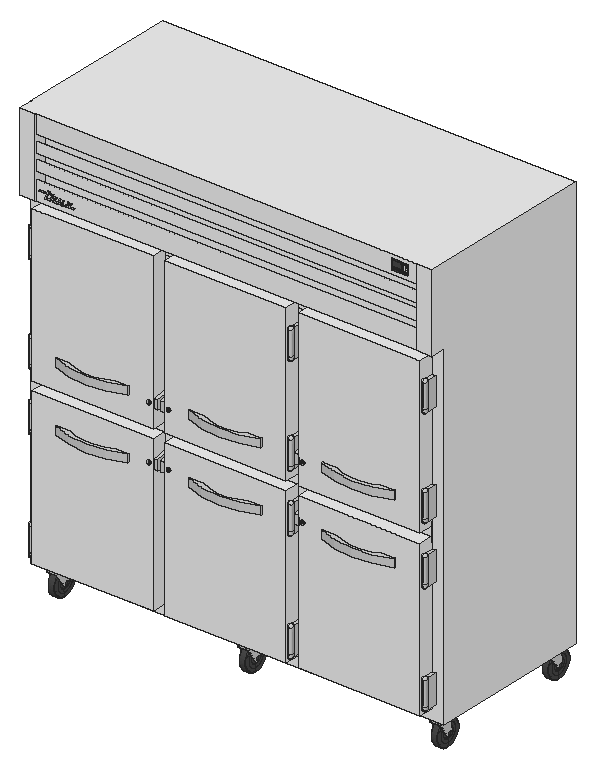
Revit family
Parameters
  Weight in Pounds = 0
  Watts = Volts * FL Amps  # 1046.5 W
  Volts = 115 V
  URL Cutsheet = "www.truemfg.com"
  URL = "www.truemfg.com"
  Type Mark [instance] = ""
  Type Comments = ""
  Status [instance] = ""
  Specification by User [instance] = ""
  Specification by Manufacturer = ""
  Show Seismic Flanged [instance] = no
  Show Logo [instance] = yes
  Show Legs [instance] = no
  Show Clearance [instance] = yes
  Serial Number = ""
  Seismic Rating = ""
  Seismic Plate [instance] = and(Show Seismic Flanged, not(Show Casters))  # no
  SMACNA No = ""
  Revision Code [instance] = ""
  Phase = 1
  Omniclass Number and Title = ""
  Number of Poles [instance] = 1
  NAFEM Spec ID Number = ""
  Model = "STR3R-6HS"
  Min Ckt Ampacity = 0 A
  Max Overcurrent Protection = 0 A
  Masterspec = ""
  Manufacturer = "TRUE FOOD SERVICE EQUIPMENT, INC."
  Length = 77 3/4"
  Legs [instance] = or(Show Legs, Show Seismic Flanged)  # no
  Item Number [instance] = ""
  Installed By [instance] = ""
  Identify Quantity as Lot [instance] = yes
  Height = 77 3/4"
  HP = "1/2"
  Furnished By [instance] = ""
  Foodservice Equipment Identifier [instance] = yes
  FL Amps = 9.1 A
  Electrical Remarks [instance] = ""
  Electric Connection Type [instance] = ""
  Elec Conn RI Height [instance] = 0"
  Elec Conn Connection Height [instance] = 0"
  Description = "Reach-in Solid Half Swing Door Refrigerator"
  Depth = 33 3/4"
  Cycle = 60 Hz
  Conn Plug = "5-15P"
  Conn Conduit = yes
  Show Casters [instance] = and(not(if(Show Legs, Show Legs, Show Legs)), not(if(Show Legs, Show Legs, Show Seismic Flanged)))  # yes
  CSI MasterFormat = ""
  CSI Master Format = ""
  Apparent Power = if(Phase = 3, Volts * FL Amps * 1.73, Volts * FL Amps)  # 1046.5 VA
Reference planes (in)
  plane 1 "BACK": y = 0
  plane 2: z = 0
  plane 3 "LEFT": x = 0
  plane 4 "RIGHT": x = 77.75
  plane 5 "FRONT": y = -33.75
  plane 6 "TOP": z = 84.125
  plane 7: z = 6.125
  plane 8: y = -33.7042
  plane 9: x = 38.875
Forms (in)
  Extrusion 1, solid, material "QF_Finishes_Chrome - Satin"
    sketch origin (0.05, 0, 0) x (1, 0, 0) y (0, 1, 0)
      loop
        line (-0.05, 0) -> (-0.05, -31) -> (2.2, -31) -> (2.2, 0) -> (-0.05, 0)
    from 6.125 to 84.125
  Extrusion 2, solid, material "QF_Finishes_Chrome - Satin"
    sketch origin (49.99375, 0, 0) x (1, 0, 0) y (0, 1, 0)
      loop
        line (25.50625, 0) -> (25.50625, -31) -> (27.75625, -31) -> (27.75625, 0) -> (25.50625, 0)
    from 6.125 to 84.125
  Extrusion 3, solid, material "QF_Finishes_Chrome - Satin"
    sketch origin (0, 0, 0) x (0, 1, 0) y (0, 0, 1)
      loop
        line (-33.7042, 69.5) -> (-31, 69.5) -> (-31, 66.96875) -> (-2, 66.96875) -> (-2, 9.98627) -> (-31, 9.98627) -> (-31, 6.125) -> (0, 6.125) -> (0, 84.125) -> (-33.7042, 84.125) -> (-33.7042, 80.78078) -> (-31.5, 79.21352) -> (-31.5, 78.09125) -> (-33.7042, 79.65851) -> (-33.7042, 77.5248) -> (-31.5, 75.95754) -> (-31.5, 74.99678) -> (-33.7042, 76.56404) -> (-33.7042, 74.46784) -> (-31.5, 72.90057) -> (-31.5, 71.625) -> (-33.7042, 73.19226) -> (-33.7042, 69.5)
    from 2.25 to 75.5
  Extrusion 4, solid, material "QF_Finishes_Chrome - Satin"
    sketch origin (0, 0, 0) x (1, 0, 0) y (0, 1, 0)
      loop
        line (77.75407, -31) -> (74.78532, -31) -> (74.78532, -33.75) -> (77.75407, -33.75) -> (77.75407, -31)
    from 69.5 to 84.125
  Extrusion 5, solid, material "QF_Finishes_Chrome - Satin"
    sketch origin (-50.125, 0, 0.25) x (1, 0, 0) y (0, 1, 0)
      loop
        line (53.05359, -31) -> (50.24109, -31) -> (50.24109, -33.75) -> (53.05359, -33.75) -> (53.05359, -31)
    from 69.25 to 83.875
  Extrusion 6, solid
    sketch origin (0, 0, 0) x (1, 0, 0) y (0, 0, 1)
      loop
        circle (74.65625, 82) r 0.25
    from 0 to 0.0625
  Extrusion 7, solid, material "QF_Finishes_Handrails and Railings", visible <- "Show Casters"
    sketch origin (73.0625, 0, 0) x (0, 1, 0) y (0, 0, 1)
      loop
        line (-29.95136, 5.48574) -> (-29.95136, 4.88089) -> (-29.70136, 4.88089) -> (-27.95216, 2.18736)
        arc (-27.95216, 2.18736) -> (-27.23883, 1.94868) -> (-26.84581, 2.59003) r 0.60416
        line (-26.84581, 2.59003) -> (-27.20136, 5.48574) -> (-29.95136, 5.48574)
      loop
        line (-3.8577, 5.48574) -> (-3.8577, 4.88089) -> (-3.6077, 4.88089) -> (-1.8585, 2.18736)
        arc (-1.8585, 2.18736) -> (-1.14517, 1.94868) -> (-0.75215, 2.59003) r 0.60416
        line (-0.75215, 2.59003) -> (-1.1077, 5.48574) -> (-3.8577, 5.48574)
    from 1.175 to 1.325
  Extrusion 8, solid, material "QF_Finishes_Handrails and Railings", visible <- "Show Casters"
    sketch origin (74.5625, 0, 0) x (0, 1, 0) y (0, 0, 1)
      loop
        line (-29.95136, 5.48574) -> (-29.95136, 4.88089) -> (-29.70136, 4.88089) -> (-27.95216, 2.18736)
        arc (-27.95216, 2.18736) -> (-27.23883, 1.94868) -> (-26.84581, 2.59003) r 0.60416
        line (-26.84581, 2.59003) -> (-27.20136, 5.48574) -> (-29.95136, 5.48574)
      loop
        line (-3.8577, 5.48574) -> (-3.8577, 4.88089) -> (-3.6077, 4.88089) -> (-1.8585, 2.18736)
        arc (-1.8585, 2.18736) -> (-1.14517, 1.94868) -> (-0.75215, 2.59003) r 0.60416
        line (-0.75215, 2.59003) -> (-1.1077, 5.48574) -> (-3.8577, 5.48574)
    from 1.175 to 1.325
  Revolve 9, solid, material "QF_Finishes_Chrome - Satin", visible <- "Legs"
    sketch origin (47.78125, -2.69102, 0) x (1, 0, 0) y (0, 0, 1)
      loop
        line (27.28125, 6.125) -> (25.94787, 6.125) -> (26.53125, 1) -> (26.78125, 1) -> (26.78125, 0) -> (27.28125, 0) -> (27.28125, 6.125)
      axis (27.28125, 0) -> (27.28125, 6.125)
    angle from 0 to 360
  Revolve 10, solid, material "QF_Finishes_Chrome - Satin", visible <- "Show Casters"
    sketch origin (47.78125, -2.70321, -0.5) x (1, 0, 0) y (0, 0, 1)
      loop
        line (27.28125, 5.99546) -> (27.28125, 6.62359) -> (25.98418, 6.62359) -> (25.98418, 5.99546) -> (27.28125, 5.99546)
      axis (27.28125, 5.99546) -> (27.28125, 6.62359)
    angle from 0 to 360
  Extrusion 11, solid, material "QF_Finishes_Handrails and Railings", visible <- "Show Casters"
    sketch origin (25.28125, 0, 0) x (0, 1, 0) y (0, 0, 1)
      loop
        line (-29.95136, 5.48574) -> (-29.95136, 4.88089) -> (-29.70136, 4.88089) -> (-27.16533, 5.19227) -> (-27.20136, 5.48574) -> (-29.95136, 5.48574)
      loop
        line (-3.8577, 5.48574) -> (-3.8577, 4.88089) -> (-3.6077, 4.88089) -> (-1.07167, 5.19227) -> (-1.1077, 5.48574) -> (-3.8577, 5.48574)
    from 49.10625 to 50.45625
  Revolve 12, solid, material "QF_Finishes_Black", visible <- "Show Casters"
    sketch origin (47.78125, -1.21875, 0) x (1, 0, 0) y (0, 0, 1)
      loop
        line (26.75625, 5) -> (26.65625, 4.9) -> (26.65625, 4.29941) -> (26.81726, 4.29941) -> (26.81726, 3.54941) -> (26.65625, 3.54941) -> (26.65625, 2.79941) -> (26.25625, 2.79941) -> (26.25625, 2.5) -> (28.30625, 2.5) -> (28.30625, 2.79941) -> (27.91033, 2.79941) -> (27.91033, 3.54941) -> (27.74524, 3.54941) -> (27.74524, 4.29941) -> (27.91033, 4.29941) -> (27.91033, 4.89592) -> (27.80625, 5) -> (26.75625, 5)
      axis (28.30625, 2.5) -> (26.25625, 2.5)
    angle from 0 to 360
  Extrusion 13, solid, material "QF_Finishes_Handrails and Railings", visible <- "Show Casters"
    sketch origin (0.84375, 0, 0) x (0, 1, 0) y (0, 0, 1)
      loop
        line (-29.95136, 5.48574) -> (-29.95136, 4.88089) -> (-29.70136, 4.88089) -> (-27.95216, 2.18736)
        arc (-27.95216, 2.18736) -> (-27.23883, 1.94868) -> (-26.84581, 2.59003) r 0.60416
        line (-26.84581, 2.59003) -> (-27.20136, 5.48574) -> (-29.95136, 5.48574)
      loop
        line (-3.8577, 5.48574) -> (-3.8577, 4.88089) -> (-3.6077, 4.88089) -> (-1.8585, 2.18736)
        arc (-1.8585, 2.18736) -> (-1.14517, 1.94868) -> (-0.75215, 2.59003) r 0.60416
        line (-0.75215, 2.59003) -> (-1.1077, 5.48574) -> (-3.8577, 5.48574)
    from 1.175 to 1.325
  Extrusion 14, solid, material "QF_Finishes_Handrails and Railings", visible <- "Show Casters"
    sketch origin (2.34375, 0, 0) x (0, 1, 0) y (0, 0, 1)
      loop
        line (-29.95136, 5.48574) -> (-29.95136, 4.88089) -> (-29.70136, 4.88089) -> (-27.95216, 2.18736)
        arc (-27.95216, 2.18736) -> (-27.23883, 1.94868) -> (-26.84581, 2.59003) r 0.60416
        line (-26.84581, 2.59003) -> (-27.20136, 5.48574) -> (-29.95136, 5.48574)
      loop
        line (-3.8577, 5.48574) -> (-3.8577, 4.88089) -> (-3.6077, 4.88089) -> (-1.8585, 2.18736)
        arc (-1.8585, 2.18736) -> (-1.14517, 1.94868) -> (-0.75215, 2.59003) r 0.60416
        line (-0.75215, 2.59003) -> (-1.1077, 5.48574) -> (-3.8577, 5.48574)
    from 1.175 to 1.325
  Revolve 15, solid, material "QF_Finishes_Chrome - Satin", visible <- "Legs"
    sketch origin (0.84375, -2.69102, 0) x (1, 0, 0) y (0, 0, 1)
      loop
        line (2, 6.125) -> (0.66662, 6.125) -> (1.25, 1) -> (1.5, 1) -> (1.5, 0) -> (2, 0) -> (2, 6.125)
      axis (2, 0) -> (2, 6.125)
    angle from 0 to 360
  Revolve 16, solid, material "QF_Finishes_Chrome - Satin", visible <- "Show Casters"
    sketch origin (0.84375, -2.70321, -0.5) x (1, 0, 0) y (0, 0, 1)
      loop
        line (2, 5.99546) -> (2, 6.62359) -> (0.70293, 6.62359) -> (0.70293, 5.99546) -> (2, 5.99546)
      axis (2, 5.99546) -> (2, 6.62359)
    angle from 0 to 360
  Extrusion 17, solid, material "QF_Finishes_Handrails and Railings", visible <- "Show Casters"
    sketch origin (-46.9375, 0, 0) x (0, 1, 0) y (0, 0, 1)
      loop
        line (-29.95136, 5.48574) -> (-29.95136, 4.88089) -> (-29.70136, 4.88089) -> (-27.16533, 5.19227) -> (-27.20136, 5.48574) -> (-29.95136, 5.48574)
      loop
        line (-3.8577, 5.48574) -> (-3.8577, 4.88089) -> (-3.6077, 4.88089) -> (-1.07167, 5.19227) -> (-1.1077, 5.48574) -> (-3.8577, 5.48574)
    from 49.10625 to 50.45625
  Revolve 18, solid, material "QF_Finishes_Black", visible <- "Show Casters"
    sketch origin (0.84375, -1.21875, 0) x (1, 0, 0) y (0, 0, 1)
      loop
        line (1.475, 5) -> (1.375, 4.9) -> (1.375, 4.29941) -> (1.53601, 4.29941) -> (1.53601, 3.54941) -> (1.375, 3.54941) -> (1.375, 2.79941) -> (0.975, 2.79941) -> (0.975, 2.5) -> (3.025, 2.5) -> (3.025, 2.79941) -> (2.62908, 2.79941) -> (2.62908, 3.54941) -> (2.46399, 3.54941) -> (2.46399, 4.29941) -> (2.62908, 4.29941) -> (2.62908, 4.89592) -> (2.525, 5) -> (1.475, 5)
      axis (3.025, 2.5) -> (0.975, 2.5)
    angle from 0 to 360
  Extrusion 19, solid, material "QF_Finishes_Chrome - Satin", visible <- "Seismic Plate"
    sketch origin (-0.22541, -0.99687, 0) x (1, 0, 0) y (0, 1, 0)
      loop
        circle (3.06916, -1.69416) r 1.5
    from 0 to 0.25
  Extrusion 20, solid, material "QF_Finishes_Chrome - Satin", visible <- "Seismic Plate"
    sketch origin (46.71209, -0.99687, 0) x (1, 0, 0) y (0, 1, 0)
      loop
        circle (28.35041, -1.69416) r 1.5
    from 0 to 0.25
  Extrusion 21, solid, material "QF_Finishes_Chrome - Satin"
    sketch origin (0, 0, -0.71875) x (1, 0, 0) y (0, 0, 1)
      loop
        line (2.28125, 68.6875) -> (2.28125, 39.59375) -> (25.21875, 39.59375) -> (25.21875, 68.6875) -> (2.28125, 68.6875)
      loop
        line (2.28125, 8.75) -> (25.21875, 8.75) -> (25.21875, 37.84375) -> (2.28125, 37.84375) -> (2.28125, 8.75)
      loop
        line (27.28125, 68.6875) -> (27.28125, 39.59375) -> (50.21875, 39.59375) -> (50.21875, 68.6875) -> (27.28125, 68.6875)
      loop
        line (27.28125, 8.75) -> (50.21875, 8.75) -> (50.21875, 37.84375) -> (27.28125, 37.84375) -> (27.28125, 8.75)
      loop
        line (52.53125, 68.6875) -> (52.53125, 39.59375) -> (75.46875, 39.59375) -> (75.46875, 68.6875) -> (52.53125, 68.6875)
      loop
        line (52.53125, 8.75) -> (75.46875, 8.75) -> (75.46875, 37.84375) -> (52.53125, 37.84375) -> (52.53125, 8.75)
    from 31 to 33.75
  Extrusion 22, solid, material "QF_Finishes_Handrails and Railings", visible <- "Show Logo"
    sketch origin (0.33478, 1.08173, -6.73143) x (1, 0, 0) y (0, 0, 1)
      loop
        line (3.46044, 78.46231) -> (3.35478, 78.23573) -> (4.76027, 78.23573)
        arc (4.76027, 78.23573) -> (4.78879, 78.18528) -> (4.76027, 78.13484) r 0.05887
        line (4.76027, 78.13484) -> (4.39369, 77.34872)
        arc (4.39369, 77.34872) -> (4.39051, 77.27591) -> (4.43975, 77.22217) r 0.09523
        line (4.43975, 77.22217) -> (5.33844, 77.22217)
        arc (5.33844, 77.22217) -> (5.45192, 77.25795) -> (5.52436, 77.35235) r 0.19785
        line (5.52436, 77.35235) -> (5.81285, 77.97101) -> (6.0779, 77.97101)
        arc (6.0779, 77.97101) -> (6.14744, 77.94543) -> (6.13737, 77.87203) r 0.05911
        line (6.13737, 77.87203) -> (5.89598, 77.35437)
        arc (5.89598, 77.35437) -> (5.89974, 77.2684) -> (5.97231, 77.22217) r 0.09318
        line (5.97231, 77.22217) -> (6.76198, 77.22217)
        arc (6.76198, 77.22217) -> (6.82249, 77.24419) -> (6.85468, 77.29995) r 0.09412
        arc (6.85468, 77.29995) -> (6.87746, 77.24495) -> (6.93246, 77.22217) r 0.07778
        line (6.93246, 77.22217) -> (7.43246, 77.22217)
        arc (7.43246, 77.22217) -> (7.49022, 77.23765) -> (7.53251, 77.27993) r 0.11552
        arc (7.53251, 77.27993) -> (7.55275, 77.23106) -> (7.60162, 77.21081) r 0.06912
        line (7.60162, 77.21081) -> (8.31225, 77.21081)
        arc (8.31225, 77.21081) -> (8.37034, 77.23488) -> (8.39441, 77.29297) r 0.08216
        arc (8.39441, 77.29297) -> (8.44767, 77.23972) -> (8.52042, 77.22022) r 0.14551
        line (8.52042, 77.22022) -> (9.85158, 77.22022) -> (9.99946, 77.47634) -> (8.65678, 77.47634)
        arc (8.65678, 77.47634) -> (8.61972, 77.50204) -> (8.61834, 77.54711) r 0.05009
        line (8.61834, 77.54711) -> (8.64157, 77.59692)
        arc (8.64157, 77.59692) -> (8.67723, 77.64364) -> (8.73327, 77.66135) r 0.09747
        line (8.73327, 77.66135) -> (9.16485, 77.66135)
        arc (9.16485, 77.66135) -> (9.258, 77.68631) -> (9.32619, 77.7545) r 0.1863
        line (9.32619, 77.7545) -> (9.45119, 77.97101)
        arc (9.45119, 77.97101) -> (9.45119, 78.08657) -> (9.35111, 78.14434) r 0.11556
        line (9.35111, 78.14434) -> (8.89562, 78.14434)
        arc (8.89562, 78.14434) -> (8.7795, 78.12462) -> (8.69849, 78.03912) r 0.18605
        line (8.69849, 78.03912) -> (8.48204, 77.57493)
        arc (8.48204, 77.57493) -> (8.41815, 77.49167) -> (8.31806, 77.46011) r 0.1745
        line (8.31806, 77.46011) -> (7.84559, 77.46011)
        arc (7.84559, 77.46011) -> (7.78903, 77.52184) -> (7.79268, 77.60548) r 0.10939
        line (7.79268, 77.60548) -> (8.04395, 78.14434) -> (7.88403, 78.14434) -> (7.61781, 77.57344)
        arc (7.61781, 77.57344) -> (7.56609, 77.50603) -> (7.48505, 77.48048) r 0.14128
        line (7.48505, 77.48048) -> (7.15925, 77.48048)
        arc (7.15925, 77.48048) -> (7.10419, 77.55223) -> (7.116, 77.64189) r 0.11816
        line (7.116, 77.64189) -> (7.3503, 78.14434) -> (7.18514, 78.14434) -> (6.91546, 77.566)
        arc (6.91546, 77.566) -> (6.85285, 77.50339) -> (6.76733, 77.48048) r 0.17104
        line (6.76733, 77.48048) -> (6.29555, 77.48048)
        arc (6.29555, 77.48048) -> (6.21082, 77.51999) -> (6.20267, 77.61313) r 0.0935
        line (6.20267, 77.61313) -> (6.35774, 77.94569) -> (6.57695, 77.94569)
        arc (6.57695, 77.94569) -> (6.61395, 78.05717) -> (6.69267, 78.14434) r 0.2857
        line (6.69267, 78.14434) -> (5.83605, 78.14434)
        arc (5.83605, 78.14434) -> (5.74086, 78.12324) -> (5.67498, 78.05135) r 0.16212
        line (5.67498, 78.05135) -> (5.44279, 77.55341)
        arc (5.44279, 77.55341) -> (5.3894, 77.50002) -> (5.31647, 77.48048) r 0.14586
        line (5.31647, 77.48048) -> (4.80506, 77.48048)
        arc (4.80506, 77.48048) -> (4.76514, 77.53442) -> (4.77274, 77.60109) r 0.09155
        line (4.77274, 77.60109) -> (5.11018, 78.23573) -> (5.96155, 78.23573) -> (6.06721, 78.46231) -> (5.21584, 78.46231) -> (5.32149, 78.68888) -> (5.01862, 78.68888) -> (4.91297, 78.46231) -> (3.46044, 78.46231)
      loop
        arc (8.83805, 77.93863) -> (8.80119, 77.92875) -> (8.7742, 77.90176) r 0.07373
        line (8.7742, 77.90176) -> (8.75229, 77.83436)
        arc (8.75229, 77.83436) -> (8.76245, 77.80983) -> (8.78699, 77.79966) r 0.0347
        line (8.78699, 77.79966) -> (9.15948, 77.79966)
        arc (9.15948, 77.79966) -> (9.18632, 77.80561) -> (9.20812, 77.82234) r 0.0635
        line (9.20812, 77.82234) -> (9.22624, 77.90622)
        arc (9.22624, 77.90622) -> (9.22091, 77.92868) -> (9.20009, 77.93863) r 0.02676
        line (9.20009, 77.93863) -> (8.83805, 77.93863)
    from 34.76797 to 34.83173
  Extrusion 23, solid, material "QF_Finishes_Handrails and Railings"
    sketch origin (1.28125, 0, 0) x (0, 1, 0) y (0, 0, 1)
      loop
        line (-31, 64.55229) -> (-32.61044, 64.55229)
        arc (-32.61044, 64.55229) -> (-32.75506, 64.49238) -> (-32.81497, 64.34776) r 0.20453
        line (-32.81497, 64.34776) -> (-32.81497, 59.94848) -> (-33.25, 59.94848) -> (-33.25, 59.23627) -> (-31, 59.23627) -> (-31, 64.55229)
    from 0.17506 to 1
  Revolve 24, solid, material "QF_Finishes_Handrails and Railings"
    sketch origin (1.78125, 0, 0) x (0, 1, 0) y (0, 0, 1)
      loop
        line (-33.26563, 60.00189) -> (-33.26563, 64.81483)
        arc (-33.26563, 64.81483) -> (-33.53722, 64.72557) -> (-33.67229, 64.4736) r 0.3848
        line (-33.67229, 64.4736) -> (-33.67229, 60.00189) -> (-33.26563, 60.00189)
      loop
        line (-33.26563, 59.94848) -> (-33.67229, 59.94848) -> (-33.67229, 59.37712)
        arc (-33.67229, 59.37712) -> (-33.53264, 59.13383) -> (-33.26563, 59.04781) r 0.38884
        line (-33.26563, 59.04781) -> (-33.26563, 59.94848)
      axis (-33.26563, 59.04781) -> (-33.26563, 64.81483)
    angle from 0 to 360
  Extrusion 25, solid, material "QF_Finishes_Handrails and Railings"
    sketch origin (-0.03125, 0, 0) x (1, 0, 0) y (0, 0, 1)
      loop
        line (1.91491, 64.4736) -> (1.91491, 60.00079) -> (2.3125, 60.00079) -> (2.3125, 64.4736) -> (1.91491, 64.4736)
    from 32.81497 to 33.59495
  Extrusion 26, solid, material "QF_Finishes_Handrails and Railings"
    sketch origin (1.28125, 0, -18.5) x (0, 1, 0) y (0, 0, 1)
      loop
        line (-31, 64.55229) -> (-32.61044, 64.55229)
        arc (-32.61044, 64.55229) -> (-32.75506, 64.49238) -> (-32.81497, 64.34776) r 0.20453
        line (-32.81497, 64.34776) -> (-32.81497, 59.94848) -> (-33.25, 59.94848) -> (-33.25, 59.23627) -> (-31, 59.23627) -> (-31, 64.55229)
    from 0.17506 to 1
  Revolve 27, solid, material "QF_Finishes_Handrails and Railings"
    sketch origin (1.78125, 0, -18.5) x (0, 1, 0) y (0, 0, 1)
      loop
        line (-33.26563, 60.00189) -> (-33.26563, 64.81483)
        arc (-33.26563, 64.81483) -> (-33.53722, 64.72557) -> (-33.67229, 64.4736) r 0.3848
        line (-33.67229, 64.4736) -> (-33.67229, 60.00189) -> (-33.26563, 60.00189)
      loop
        line (-33.26563, 59.94848) -> (-33.67229, 59.94848) -> (-33.67229, 59.37712)
        arc (-33.67229, 59.37712) -> (-33.53264, 59.13383) -> (-33.26563, 59.04781) r 0.38884
        line (-33.26563, 59.04781) -> (-33.26563, 59.94848)
      axis (-33.26563, 59.04781) -> (-33.26563, 64.81483)
    angle from 0 to 360
  Extrusion 28, solid, material "QF_Finishes_Handrails and Railings"
    sketch origin (-0.03125, 0, -18.5) x (1, 0, 0) y (0, 0, 1)
      loop
        line (1.91491, 64.4736) -> (1.91491, 60.00079) -> (2.3125, 60.00079) -> (2.3125, 64.4736) -> (1.91491, 64.4736)
    from 32.81497 to 33.59495
  Extrusion 29, solid, material "QF_Finishes_Handrails and Railings"
    sketch origin (1.28125, 0, -29.5) x (0, 1, 0) y (0, 0, 1)
      loop
        line (-31, 64.55229) -> (-32.61044, 64.55229)
        arc (-32.61044, 64.55229) -> (-32.75506, 64.49238) -> (-32.81497, 64.34776) r 0.20453
        line (-32.81497, 64.34776) -> (-32.81497, 59.94848) -> (-33.25, 59.94848) -> (-33.25, 59.23627) -> (-31, 59.23627) -> (-31, 64.55229)
    from 0.17506 to 1
  Revolve 30, solid, material "QF_Finishes_Handrails and Railings"
    sketch origin (1.78125, 0, -29.5) x (0, 1, 0) y (0, 0, 1)
      loop
        line (-33.26563, 60.00189) -> (-33.26563, 64.81483)
        arc (-33.26563, 64.81483) -> (-33.53722, 64.72557) -> (-33.67229, 64.4736) r 0.3848
        line (-33.67229, 64.4736) -> (-33.67229, 60.00189) -> (-33.26563, 60.00189)
      loop
        line (-33.26563, 59.94848) -> (-33.67229, 59.94848) -> (-33.67229, 59.37712)
        arc (-33.67229, 59.37712) -> (-33.53264, 59.13383) -> (-33.26563, 59.04781) r 0.38884
        line (-33.26563, 59.04781) -> (-33.26563, 59.94848)
      axis (-33.26563, 59.04781) -> (-33.26563, 64.81483)
    angle from 0 to 360
  Extrusion 31, solid, material "QF_Finishes_Handrails and Railings"
    sketch origin (-0.03125, 0, -29.5) x (1, 0, 0) y (0, 0, 1)
      loop
        line (1.91491, 64.4736) -> (1.91491, 60.00079) -> (2.3125, 60.00079) -> (2.3125, 64.4736) -> (1.91491, 64.4736)
    from 32.81497 to 33.59495
  Extrusion 32, solid, material "QF_Finishes_Handrails and Railings"
    sketch origin (1.28125, 0, -50.25) x (0, 1, 0) y (0, 0, 1)
      loop
        line (-31, 64.55229) -> (-32.61044, 64.55229)
        arc (-32.61044, 64.55229) -> (-32.75506, 64.49238) -> (-32.81497, 64.34776) r 0.20453
        line (-32.81497, 64.34776) -> (-32.81497, 59.94848) -> (-33.25, 59.94848) -> (-33.25, 59.23627) -> (-31, 59.23627) -> (-31, 64.55229)
    from 0.17506 to 1
  Revolve 33, solid, material "QF_Finishes_Handrails and Railings"
    sketch origin (1.78125, 0, -50.25) x (0, 1, 0) y (0, 0, 1)
      loop
        line (-33.26563, 60.00189) -> (-33.26563, 64.81483)
        arc (-33.26563, 64.81483) -> (-33.53722, 64.72557) -> (-33.67229, 64.4736) r 0.3848
        line (-33.67229, 64.4736) -> (-33.67229, 60.00189) -> (-33.26563, 60.00189)
      loop
        line (-33.26563, 59.94848) -> (-33.67229, 59.94848) -> (-33.67229, 59.37712)
        arc (-33.67229, 59.37712) -> (-33.53264, 59.13383) -> (-33.26563, 59.04781) r 0.38884
        line (-33.26563, 59.04781) -> (-33.26563, 59.94848)
      axis (-33.26563, 59.04781) -> (-33.26563, 64.81483)
    angle from 0 to 360
  Extrusion 34, solid, material "QF_Finishes_Handrails and Railings"
    sketch origin (-0.03125, 0, -50.25) x (1, 0, 0) y (0, 0, 1)
      loop
        line (1.91491, 64.4736) -> (1.91491, 60.00079) -> (2.3125, 60.00079) -> (2.3125, 64.4736) -> (1.91491, 64.4736)
    from 32.81497 to 33.59495
  Extrusion 35, solid, material "QF_Finishes_Handrails and Railings"
    sketch origin (51.1875, 0, 0) x (0, 1, 0) y (0, 0, -1)
      loop
        line (-31, -64.55229) -> (-31, -59.23627) -> (-33.25, -59.23627) -> (-33.25, -59.94848) -> (-32.81497, -59.94848) -> (-32.81497, -64.34776)
        arc (-32.81497, -64.34776) -> (-32.75506, -64.49238) -> (-32.61044, -64.55229) r 0.20453
        line (-32.61044, -64.55229) -> (-31, -64.55229)
    from 0.17506 to 1
  Revolve 36, solid, material "QF_Finishes_Handrails and Railings"
    sketch origin (50.6875, 0, 0) x (0, 1, 0) y (0, 0, -1)
      loop
        line (-33.26563, -60.00189) -> (-33.67229, -60.00189) -> (-33.67229, -64.4736)
        arc (-33.67229, -64.4736) -> (-33.53722, -64.72557) -> (-33.26563, -64.81483) r 0.3848
        line (-33.26563, -64.81483) -> (-33.26563, -60.00189)
      loop
        line (-33.26563, -59.94848) -> (-33.26563, -59.04781)
        arc (-33.26563, -59.04781) -> (-33.53264, -59.13383) -> (-33.67229, -59.37712) r 0.38884
        line (-33.67229, -59.37712) -> (-33.67229, -59.94848) -> (-33.26563, -59.94848)
      axis (-33.26563, -59.04781) -> (-33.26563, -64.81483)
    angle from 0 to 360
  Extrusion 37, solid, material "QF_Finishes_Handrails and Railings"
    sketch origin (52.5, 0, 0) x (-1, 0, 0) y (0, 0, -1)
      loop
        line (1.91491, -64.4736) -> (2.3125, -64.4736) -> (2.3125, -60.00079) -> (1.91491, -60.00079) -> (1.91491, -64.4736)
    from 32.81497 to 33.59495
  Extrusion 38, solid, material "QF_Finishes_Handrails and Railings"
    sketch origin (51.1875, 0, -18.5) x (0, 1, 0) y (0, 0, -1)
      loop
        line (-31, -64.55229) -> (-31, -59.23627) -> (-33.25, -59.23627) -> (-33.25, -59.94848) -> (-32.81497, -59.94848) -> (-32.81497, -64.34776)
        arc (-32.81497, -64.34776) -> (-32.75506, -64.49238) -> (-32.61044, -64.55229) r 0.20453
        line (-32.61044, -64.55229) -> (-31, -64.55229)
    from 0.17506 to 1
  Revolve 39, solid, material "QF_Finishes_Handrails and Railings"
    sketch origin (50.6875, 0, -18.5) x (0, 1, 0) y (0, 0, -1)
      loop
        line (-33.26563, -60.00189) -> (-33.67229, -60.00189) -> (-33.67229, -64.4736)
        arc (-33.67229, -64.4736) -> (-33.53722, -64.72557) -> (-33.26563, -64.81483) r 0.3848
        line (-33.26563, -64.81483) -> (-33.26563, -60.00189)
      loop
        line (-33.26563, -59.94848) -> (-33.26563, -59.04781)
        arc (-33.26563, -59.04781) -> (-33.53264, -59.13383) -> (-33.67229, -59.37712) r 0.38884
        line (-33.67229, -59.37712) -> (-33.67229, -59.94848) -> (-33.26563, -59.94848)
      axis (-33.26563, -59.04781) -> (-33.26563, -64.81483)
    angle from 0 to 360
  Extrusion 40, solid, material "QF_Finishes_Handrails and Railings"
    sketch origin (52.5, 0, -18.5) x (-1, 0, 0) y (0, 0, -1)
      loop
        line (1.91491, -64.4736) -> (2.3125, -64.4736) -> (2.3125, -60.00079) -> (1.91491, -60.00079) -> (1.91491, -64.4736)
    from 32.81497 to 33.59495
  Extrusion 41, solid, material "QF_Finishes_Handrails and Railings"
    sketch origin (51.1875, 0, -29.5) x (0, 1, 0) y (0, 0, -1)
      loop
        line (-31, -64.55229) -> (-31, -59.23627) -> (-33.25, -59.23627) -> (-33.25, -59.94848) -> (-32.81497, -59.94848) -> (-32.81497, -64.34776)
        arc (-32.81497, -64.34776) -> (-32.75506, -64.49238) -> (-32.61044, -64.55229) r 0.20453
        line (-32.61044, -64.55229) -> (-31, -64.55229)
    from 0.17506 to 1
  Revolve 42, solid, material "QF_Finishes_Handrails and Railings"
    sketch origin (50.6875, 0, -29.5) x (0, 1, 0) y (0, 0, -1)
      loop
        line (-33.26563, -60.00189) -> (-33.67229, -60.00189) -> (-33.67229, -64.4736)
        arc (-33.67229, -64.4736) -> (-33.53722, -64.72557) -> (-33.26563, -64.81483) r 0.3848
        line (-33.26563, -64.81483) -> (-33.26563, -60.00189)
      loop
        line (-33.26563, -59.94848) -> (-33.26563, -59.04781)
        arc (-33.26563, -59.04781) -> (-33.53264, -59.13383) -> (-33.67229, -59.37712) r 0.38884
        line (-33.67229, -59.37712) -> (-33.67229, -59.94848) -> (-33.26563, -59.94848)
      axis (-33.26563, -59.04781) -> (-33.26563, -64.81483)
    angle from 0 to 360
  Extrusion 43, solid, material "QF_Finishes_Handrails and Railings"
    sketch origin (52.5, 0, -29.5) x (-1, 0, 0) y (0, 0, -1)
      loop
        line (1.91491, -64.4736) -> (2.3125, -64.4736) -> (2.3125, -60.00079) -> (1.91491, -60.00079) -> (1.91491, -64.4736)
    from 32.81497 to 33.59495
  Extrusion 44, solid, material "QF_Finishes_Handrails and Railings"
    sketch origin (51.1875, 0, -50.25) x (0, 1, 0) y (0, 0, -1)
      loop
        line (-31, -64.55229) -> (-31, -59.23627) -> (-33.25, -59.23627) -> (-33.25, -59.94848) -> (-32.81497, -59.94848) -> (-32.81497, -64.34776)
        arc (-32.81497, -64.34776) -> (-32.75506, -64.49238) -> (-32.61044, -64.55229) r 0.20453
        line (-32.61044, -64.55229) -> (-31, -64.55229)
    from 0.17506 to 1
  Revolve 45, solid, material "QF_Finishes_Handrails and Railings"
    sketch origin (50.6875, 0, -50.25) x (0, 1, 0) y (0, 0, -1)
      loop
        line (-33.26563, -60.00189) -> (-33.67229, -60.00189) -> (-33.67229, -64.4736)
        arc (-33.67229, -64.4736) -> (-33.53722, -64.72557) -> (-33.26563, -64.81483) r 0.3848
        line (-33.26563, -64.81483) -> (-33.26563, -60.00189)
      loop
        line (-33.26563, -59.94848) -> (-33.26563, -59.04781)
        arc (-33.26563, -59.04781) -> (-33.53264, -59.13383) -> (-33.67229, -59.37712) r 0.38884
        line (-33.67229, -59.37712) -> (-33.67229, -59.94848) -> (-33.26563, -59.94848)
      axis (-33.26563, -59.04781) -> (-33.26563, -64.81483)
    angle from 0 to 360
  Extrusion 46, solid, material "QF_Finishes_Handrails and Railings"
    sketch origin (52.5, 0, -50.25) x (-1, 0, 0) y (0, 0, -1)
      loop
        line (1.91491, -64.4736) -> (2.3125, -64.4736) -> (2.3125, -60.00079) -> (1.91491, -60.00079) -> (1.91491, -64.4736)
    from 32.81497 to 33.59495
  Revolve 47, solid, material "QF_Finishes_Black", visible <- "Show Casters"
    sketch origin (73.0625, -27.375, 0) x (1, 0, 0) y (0, 0, 1)
      loop
        line (1.475, 5) -> (1.375, 4.9) -> (1.375, 4.29941) -> (1.53601, 4.29941) -> (1.53601, 3.54941) -> (1.375, 3.54941) -> (1.375, 2.79941) -> (0.975, 2.79941) -> (0.975, 2.5) -> (3.025, 2.5) -> (3.025, 2.79941) -> (2.62908, 2.79941) -> (2.62908, 3.54941) -> (2.46399, 3.54941) -> (2.46399, 4.29941) -> (2.62908, 4.29941) -> (2.62908, 4.89592) -> (2.525, 5) -> (1.475, 5)
      axis (3.025, 2.5) -> (0.975, 2.5)
    angle from 0 to 360
  Revolve 48, solid, material "QF_Finishes_Chrome - Satin", visible <- "Show Casters"
    sketch origin (73.0625, -28.5625, -0.5) x (1, 0, 0) y (0, 0, 1)
      loop
        line (2, 5.99546) -> (2, 6.62359) -> (0.70293, 6.62359) -> (0.70293, 5.99546) -> (2, 5.99546)
      axis (2, 5.99546) -> (2, 6.62359)
    angle from 0 to 360
  Revolve 49, solid, material "QF_Finishes_Chrome - Satin", visible <- "Legs"
    sketch origin (73.0625, -28.65977, 0) x (1, 0, 0) y (0, 0, 1)
      loop
        line (2, 6.125) -> (0.66662, 6.125) -> (1.25, 1) -> (1.5, 1) -> (1.5, 0) -> (2, 0) -> (2, 6.125)
      axis (2, 0) -> (2, 6.125)
    angle from 0 to 360
  Revolve 50, solid, material "QF_Finishes_Black", visible <- "Show Casters"
    sketch origin (0.84375, -27.375, 0) x (1, 0, 0) y (0, 0, 1)
      loop
        line (1.475, 5) -> (1.375, 4.9) -> (1.375, 4.29941) -> (1.53601, 4.29941) -> (1.53601, 3.54941) -> (1.375, 3.54941) -> (1.375, 2.79941) -> (0.975, 2.79941) -> (0.975, 2.5) -> (3.025, 2.5) -> (3.025, 2.79941) -> (2.62908, 2.79941) -> (2.62908, 3.54941) -> (2.46399, 3.54941) -> (2.46399, 4.29941) -> (2.62908, 4.29941) -> (2.62908, 4.89592) -> (2.525, 5) -> (1.475, 5)
      axis (3.025, 2.5) -> (0.975, 2.5)
    angle from 0 to 360
  Revolve 51, solid, material "QF_Finishes_Chrome - Satin", visible <- "Show Casters"
    sketch origin (0.84375, -28.5625, -0.5) x (1, 0, 0) y (0, 0, 1)
      loop
        line (2, 5.99546) -> (2, 6.62359) -> (0.70293, 6.62359) -> (0.70293, 5.99546) -> (2, 5.99546)
      axis (2, 5.99546) -> (2, 6.62359)
    angle from 0 to 360
  Revolve 52, solid, material "QF_Finishes_Chrome - Satin", visible <- "Legs"
    sketch origin (0.84375, -28.65977, 0) x (1, 0, 0) y (0, 0, 1)
      loop
        line (2, 6.125) -> (0.66662, 6.125) -> (1.25, 1) -> (1.5, 1) -> (1.5, 0) -> (2, 0) -> (2, 6.125)
      axis (2, 0) -> (2, 6.125)
    angle from 0 to 360
  Extrusion 53, solid, material "QF_Finishes_White"
    sketch origin (26.99925, 1.06376, 1.58022) x (1, 0, 0) y (0, 0, 1)
      loop
        line (43.16107, 81.73227) -> (43.16107, 79.98496) -> (46.06732, 79.98496) -> (46.06732, 81.73227) -> (43.16107, 81.73227)
    from 34.75 to 34.76797
  Extrusion 54, solid, material "QF_Finishes_Black"
    sketch origin (26.99925, 1.06376, 1.58022) x (1, 0, 0) y (0, 0, 1)
      loop
        line (46.12982, 81.79477) -> (43.09857, 81.79477) -> (43.09857, 79.92246) -> (46.12982, 79.92246) -> (46.12982, 81.79477)
      loop
        spline (43.29857, 80.25372) -> (43.30708, 80.23754) -> (43.33206, 80.22247) -> (43.37179, 80.20952) -> (43.42357, 80.19959) -> (43.48386, 80.19335) -> (43.54857, 80.19122) -> (43.61327, 80.19335) -> (43.67357, 80.19959) -> (43.72534, 80.20952) -> (43.76507, 80.22247) -> (43.79005, 80.23754) -> (43.79857, 80.25372)
        spline (43.79857, 80.25372) -> (43.79005, 80.26989) -> (43.76507, 80.28497) -> (43.72534, 80.29791) -> (43.67357, 80.30784) -> (43.61327, 80.31409) -> (43.54857, 80.31622) -> (43.48386, 80.31409) -> (43.42357, 80.30784) -> (43.37179, 80.29791) -> (43.33206, 80.28497) -> (43.30708, 80.26989) -> (43.29857, 80.25372)
      loop
        spline (43.99458, 80.25372) -> (44.0031, 80.23754) -> (44.02807, 80.22247) -> (44.0678, 80.20952) -> (44.11958, 80.19959) -> (44.17987, 80.19335) -> (44.24458, 80.19122) -> (44.30928, 80.19335) -> (44.36958, 80.19959) -> (44.42136, 80.20952) -> (44.46109, 80.22247) -> (44.48606, 80.23754) -> (44.49458, 80.25372)
        spline (44.49458, 80.25372) -> (44.48606, 80.26989) -> (44.46109, 80.28497) -> (44.42136, 80.29791) -> (44.36958, 80.30784) -> (44.30928, 80.31409) -> (44.24458, 80.31622) -> (44.17987, 80.31409) -> (44.11958, 80.30784) -> (44.0678, 80.29791) -> (44.02807, 80.28497) -> (44.0031, 80.26989) -> (43.99458, 80.25372)
      loop
        spline (44.74458, 80.25372) -> (44.7531, 80.23754) -> (44.77807, 80.22247) -> (44.8178, 80.20952) -> (44.86958, 80.19959) -> (44.92987, 80.19335) -> (44.99458, 80.19122) -> (45.05928, 80.19335) -> (45.11958, 80.19959) -> (45.17136, 80.20952) -> (45.21109, 80.22247) -> (45.23606, 80.23754) -> (45.24458, 80.25372)
        spline (45.24458, 80.25372) -> (45.23606, 80.26989) -> (45.21109, 80.28497) -> (45.17136, 80.29791) -> (45.11958, 80.30784) -> (45.05928, 80.31409) -> (44.99458, 80.31622) -> (44.92987, 80.31409) -> (44.86958, 80.30784) -> (44.8178, 80.29791) -> (44.77807, 80.28497) -> (44.7531, 80.26989) -> (44.74458, 80.25372)
      loop
        line (43.29856, 81.59478) -> (43.29856, 80.59478) -> (44.99808, 80.59478) -> (44.99808, 81.59478) -> (43.29856, 81.59478)
      loop
        line (46.06732, 81.73227) -> (43.16107, 81.73227) -> (43.16107, 79.98496) -> (46.06732, 79.98496) -> (46.06732, 81.73227)
      loop
        spline (45.49458, 80.25372) -> (45.5031, 80.23754) -> (45.52807, 80.22247) -> (45.5678, 80.20952) -> (45.61958, 80.19959) -> (45.67987, 80.19335) -> (45.74458, 80.19122) -> (45.80928, 80.19335) -> (45.86958, 80.19959) -> (45.92136, 80.20952) -> (45.96109, 80.22247) -> (45.98606, 80.23754) -> (45.99458, 80.25372)
        spline (45.99458, 80.25372) -> (45.98606, 80.26989) -> (45.96109, 80.28497) -> (45.92136, 80.29791) -> (45.86958, 80.30784) -> (45.80928, 80.31409) -> (45.74458, 80.31622) -> (45.67987, 80.31409) -> (45.61958, 80.30784) -> (45.5678, 80.29791) -> (45.52807, 80.28497) -> (45.5031, 80.26989) -> (45.49458, 80.25372)
    from 34.76797 to 34.80335
  Extrusion 55, solid, material "QF_Finishes_Chrome - Satin", visible <- "Seismic Plate"
    sketch origin (-0.22541, -26.96562, 0) x (1, 0, 0) y (0, 1, 0)
      loop
        circle (3.06916, -1.69416) r 1.5
    from 0 to 0.25
  Extrusion 56, solid, material "QF_Finishes_Chrome - Satin", visible <- "Seismic Plate"
    sketch origin (71.99334, -26.96562, 0) x (1, 0, 0) y (0, 1, 0)
      loop
        circle (3.06916, -1.69416) r 1.5
    from 0 to 0.25
  Extrusion 57, solid, material "QF_Finishes_Chrome - Satin"
    sketch origin (0, -33.25, 9.98627) x (0, 1, 0) y (-1, 0, 0)
      loop
        line (2.25, -24.21875) -> (2.25, -28.25) -> (3.25, -28.25) -> (3.25, -24.21875) -> (2.25, -24.21875)
      loop
        line (2.25, -49.5) -> (2.25, -53.53125) -> (3.25, -53.53125) -> (3.25, -49.5) -> (2.25, -49.5)
    from 0 to 56.98248
  Extrusion 58, solid, material "QF_Finishes_Handrails and Railings"
    sketch origin (76.46875, 0, 0) x (0, 1, 0) y (0, 0, -1)
      loop
        line (-31, -64.55229) -> (-31, -59.23627) -> (-33.25, -59.23627) -> (-33.25, -59.94848) -> (-32.81497, -59.94848) -> (-32.81497, -64.34776)
        arc (-32.81497, -64.34776) -> (-32.75506, -64.49238) -> (-32.61044, -64.55229) r 0.20453
        line (-32.61044, -64.55229) -> (-31, -64.55229)
    from 0.17506 to 1
  Revolve 59, solid, material "QF_Finishes_Handrails and Railings"
    sketch origin (75.96875, 0, 0) x (0, 1, 0) y (0, 0, -1)
      loop
        line (-33.26563, -60.00189) -> (-33.67229, -60.00189) -> (-33.67229, -64.4736)
        arc (-33.67229, -64.4736) -> (-33.53722, -64.72557) -> (-33.26563, -64.81483) r 0.3848
        line (-33.26563, -64.81483) -> (-33.26563, -60.00189)
      loop
        line (-33.26563, -59.94848) -> (-33.26563, -59.04781)
        arc (-33.26563, -59.04781) -> (-33.53264, -59.13383) -> (-33.67229, -59.37712) r 0.38884
        line (-33.67229, -59.37712) -> (-33.67229, -59.94848) -> (-33.26563, -59.94848)
      axis (-33.26563, -59.04781) -> (-33.26563, -64.81483)
    angle from 0 to 360
  Extrusion 60, solid, material "QF_Finishes_Handrails and Railings"
    sketch origin (77.78125, 0, 0) x (-1, 0, 0) y (0, 0, -1)
      loop
        line (1.91491, -64.4736) -> (2.3125, -64.4736) -> (2.3125, -60.00079) -> (1.91491, -60.00079) -> (1.91491, -64.4736)
    from 32.81497 to 33.59495
  Extrusion 61, solid, material "QF_Finishes_Handrails and Railings"
    sketch origin (76.46875, 0, -18.5) x (0, 1, 0) y (0, 0, -1)
      loop
        line (-31, -64.55229) -> (-31, -59.23627) -> (-33.25, -59.23627) -> (-33.25, -59.94848) -> (-32.81497, -59.94848) -> (-32.81497, -64.34776)
        arc (-32.81497, -64.34776) -> (-32.75506, -64.49238) -> (-32.61044, -64.55229) r 0.20453
        line (-32.61044, -64.55229) -> (-31, -64.55229)
    from 0.17506 to 1
  Revolve 62, solid, material "QF_Finishes_Handrails and Railings"
    sketch origin (75.96875, 0, -18.5) x (0, 1, 0) y (0, 0, -1)
      loop
        line (-33.26563, -60.00189) -> (-33.67229, -60.00189) -> (-33.67229, -64.4736)
        arc (-33.67229, -64.4736) -> (-33.53722, -64.72557) -> (-33.26563, -64.81483) r 0.3848
        line (-33.26563, -64.81483) -> (-33.26563, -60.00189)
      loop
        line (-33.26563, -59.94848) -> (-33.26563, -59.04781)
        arc (-33.26563, -59.04781) -> (-33.53264, -59.13383) -> (-33.67229, -59.37712) r 0.38884
        line (-33.67229, -59.37712) -> (-33.67229, -59.94848) -> (-33.26563, -59.94848)
      axis (-33.26563, -59.04781) -> (-33.26563, -64.81483)
    angle from 0 to 360
  Extrusion 63, solid, material "QF_Finishes_Handrails and Railings"
    sketch origin (77.78125, 0, -18.5) x (-1, 0, 0) y (0, 0, -1)
      loop
        line (1.91491, -64.4736) -> (2.3125, -64.4736) -> (2.3125, -60.00079) -> (1.91491, -60.00079) -> (1.91491, -64.4736)
    from 32.81497 to 33.59495
  Extrusion 64, solid, material "QF_Finishes_Handrails and Railings"
    sketch origin (76.46875, 0, -29.5) x (0, 1, 0) y (0, 0, -1)
      loop
        line (-31, -64.55229) -> (-31, -59.23627) -> (-33.25, -59.23627) -> (-33.25, -59.94848) -> (-32.81497, -59.94848) -> (-32.81497, -64.34776)
        arc (-32.81497, -64.34776) -> (-32.75506, -64.49238) -> (-32.61044, -64.55229) r 0.20453
        line (-32.61044, -64.55229) -> (-31, -64.55229)
    from 0.17506 to 1
  Revolve 65, solid, material "QF_Finishes_Handrails and Railings"
    sketch origin (75.96875, 0, -29.5) x (0, 1, 0) y (0, 0, -1)
      loop
        line (-33.26563, -60.00189) -> (-33.67229, -60.00189) -> (-33.67229, -64.4736)
        arc (-33.67229, -64.4736) -> (-33.53722, -64.72557) -> (-33.26563, -64.81483) r 0.3848
        line (-33.26563, -64.81483) -> (-33.26563, -60.00189)
      loop
        line (-33.26563, -59.94848) -> (-33.26563, -59.04781)
        arc (-33.26563, -59.04781) -> (-33.53264, -59.13383) -> (-33.67229, -59.37712) r 0.38884
        line (-33.67229, -59.37712) -> (-33.67229, -59.94848) -> (-33.26563, -59.94848)
      axis (-33.26563, -59.04781) -> (-33.26563, -64.81483)
    angle from 0 to 360
  Extrusion 66, solid, material "QF_Finishes_Handrails and Railings"
    sketch origin (77.78125, 0, -29.5) x (-1, 0, 0) y (0, 0, -1)
      loop
        line (1.91491, -64.4736) -> (2.3125, -64.4736) -> (2.3125, -60.00079) -> (1.91491, -60.00079) -> (1.91491, -64.4736)
    from 32.81497 to 33.59495
  Extrusion 67, solid, material "QF_Finishes_Handrails and Railings"
    sketch origin (76.46875, 0, -50.25) x (0, 1, 0) y (0, 0, -1)
      loop
        line (-31, -64.55229) -> (-31, -59.23627) -> (-33.25, -59.23627) -> (-33.25, -59.94848) -> (-32.81497, -59.94848) -> (-32.81497, -64.34776)
        arc (-32.81497, -64.34776) -> (-32.75506, -64.49238) -> (-32.61044, -64.55229) r 0.20453
        line (-32.61044, -64.55229) -> (-31, -64.55229)
    from 0.17506 to 1
  Revolve 68, solid, material "QF_Finishes_Handrails and Railings"
    sketch origin (75.96875, 0, -50.25) x (0, 1, 0) y (0, 0, -1)
      loop
        line (-33.26563, -60.00189) -> (-33.67229, -60.00189) -> (-33.67229, -64.4736)
        arc (-33.67229, -64.4736) -> (-33.53722, -64.72557) -> (-33.26563, -64.81483) r 0.3848
        line (-33.26563, -64.81483) -> (-33.26563, -60.00189)
      loop
        line (-33.26563, -59.94848) -> (-33.26563, -59.04781)
        arc (-33.26563, -59.04781) -> (-33.53264, -59.13383) -> (-33.67229, -59.37712) r 0.38884
        line (-33.67229, -59.37712) -> (-33.67229, -59.94848) -> (-33.26563, -59.94848)
      axis (-33.26563, -59.04781) -> (-33.26563, -64.81483)
    angle from 0 to 360
  Extrusion 69, solid, material "QF_Finishes_Handrails and Railings"
    sketch origin (77.78125, 0, -50.25) x (-1, 0, 0) y (0, 0, -1)
      loop
        line (1.91491, -64.4736) -> (2.3125, -64.4736) -> (2.3125, -60.00079) -> (1.91491, -60.00079) -> (1.91491, -64.4736)
    from 32.81497 to 33.59495
  Extrusion 70, solid, material "QF_Finishes_Handrails and Railings"
    sketch origin (1.75, 0, 3) x (1, 0, 0) y (0, 0, 1)
      loop
        circle (22.6875, 40.0625) r 0.35
      loop
        line (22.65235, 40.33635) -> (22.65235, 39.76895) -> (22.70785, 39.76895) -> (22.70785, 40.33635) -> (22.65235, 40.33635)
      loop
        circle (26.3125, 40.0625) r 0.35
      loop
        line (26.34765, 40.33635) -> (26.29215, 40.33635) -> (26.29215, 39.76895) -> (26.34765, 39.76895) -> (26.34765, 40.33635)
    from 33.5 to 33.83066
  Extrusion 71, solid, material "QF_Finishes_Handrails and Railings"
    sketch origin (-33.325, -0.25, 32.09144) x (1, 0, 0) y (0, 1, 0)
      loop
        line (53.875, -33.5) -> (51.475, -33.5)
        arc (51.475, -33.5) -> (47.075, -34.65816) -> (42.675, -33.5) r 8.93715
        line (42.675, -33.5) -> (40.275, -33.5) -> (40.275, -33.7)
        arc (40.275, -33.7) -> (47.075, -35.14405) -> (53.875, -33.7) r 16.7325
        line (53.875, -33.7) -> (53.875, -33.5)
    from 10.87731 to 12.37731
  Blend 72, solid, material "QF_Finishes_Handrails and Railings"
    base sketch origin (-0.03125, 0, 5) x (1, 0, 0) y (0, 0, 1)
      loop
        line (25.25, 38.99169) -> (25.25, 37.24169) -> (26, 37.24169) -> (26, 38.99169) -> (25.25, 38.99169)
    top sketch origin (-0.03125, 0, 5) x (1, 0, 0) y (0, 0, 1)
      loop
        line (26.18223, 36.6441) -> (26.18223, 39.42643) -> (25.25, 39.42643) -> (25.25, 36.6441) -> (26.18223, 36.6441)
    from 33.57883 to 31
  Blend 73, solid, material "QF_Finishes_Handrails and Railings"
    base sketch origin (52.5, 0, 5) x (-1, 0, 0) y (0, 0, -1)
      loop
        line (25.25, -38.99169) -> (26, -38.99169) -> (26, -37.24169) -> (25.25, -37.24169) -> (25.25, -38.99169)
    top sketch origin (52.5, 0, 5) x (-1, 0, 0) y (0, 0, -1)
      loop
        line (26.18223, -36.6441) -> (25.25, -36.6441) -> (25.25, -39.42643) -> (26.18223, -39.42643) -> (26.18223, -36.6441)
    from 33.57883 to 31
  Extrusion 74, solid, material "QF_Finishes_Door Clearance", visible <- "Show Clearance", detail levels coarse
    sketch origin (0.66534, -3.6098, 0) x (-1, 0, 0) y (0, -1, 0)
      loop
        line (-24.55341, 30.1402) -> (-1.58466, 30.1402) -> (-1.58466, 53.10895)
        arc (-1.58466, 53.10895) -> (-17.82602, 46.38156) -> (-24.55341, 30.1402) r 22.96875
      loop
        arc (-26.58466, 30.1402) -> (-33.31205, 46.38156) -> (-49.55341, 53.10895) r 22.96875
        line (-49.55341, 53.10895) -> (-49.55341, 30.1402) -> (-26.58466, 30.1402)
      loop
        arc (-51.86591, 30.1402) -> (-58.5933, 46.38156) -> (-74.83466, 53.10895) r 22.96875
        line (-74.83466, 53.10895) -> (-74.83466, 30.1402) -> (-51.86591, 30.1402)
    from 38.875 to 67.96875
  Extrusion 75, solid, material "QF_Finishes_Handrails and Railings"
    sketch origin (27.03125, 0, 3) x (1, 0, 0) y (0, 0, 1)
      loop
        circle (26.3125, 40.0625) r 0.35
      loop
        line (26.34765, 40.33635) -> (26.29215, 40.33635) -> (26.29215, 39.76895) -> (26.34765, 39.76895) -> (26.34765, 40.33635)
    from 33.5 to 33.83066
  Extrusion 76, solid, material "QF_Finishes_Handrails and Railings", visible <- "Show Casters"
    sketch origin (36.875, 0, 0) x (0, 1, 0) y (0, 0, 1)
      loop
        line (-29.95136, 5.48574) -> (-29.95136, 4.88089) -> (-29.70136, 4.88089) -> (-27.95216, 2.18736)
        arc (-27.95216, 2.18736) -> (-27.23883, 1.94868) -> (-26.84581, 2.59003) r 0.60416
        line (-26.84581, 2.59003) -> (-27.20136, 5.48574) -> (-29.95136, 5.48574)
      loop
        line (-3.8577, 5.48574) -> (-3.8577, 4.88089) -> (-3.6077, 4.88089) -> (-1.8585, 2.18736)
        arc (-1.8585, 2.18736) -> (-1.14517, 1.94868) -> (-0.75215, 2.59003) r 0.60416
        line (-0.75215, 2.59003) -> (-1.1077, 5.48574) -> (-3.8577, 5.48574)
    from 1.175 to 1.325
  Extrusion 77, solid, material "QF_Finishes_Handrails and Railings", visible <- "Show Casters"
    sketch origin (38.375, 0, 0) x (0, 1, 0) y (0, 0, 1)
      loop
        line (-29.95136, 5.48574) -> (-29.95136, 4.88089) -> (-29.70136, 4.88089) -> (-27.95216, 2.18736)
        arc (-27.95216, 2.18736) -> (-27.23883, 1.94868) -> (-26.84581, 2.59003) r 0.60416
        line (-26.84581, 2.59003) -> (-27.20136, 5.48574) -> (-29.95136, 5.48574)
      loop
        line (-3.8577, 5.48574) -> (-3.8577, 4.88089) -> (-3.6077, 4.88089) -> (-1.8585, 2.18736)
        arc (-1.8585, 2.18736) -> (-1.14517, 1.94868) -> (-0.75215, 2.59003) r 0.60416
        line (-0.75215, 2.59003) -> (-1.1077, 5.48574) -> (-3.8577, 5.48574)
    from 1.175 to 1.325
  Revolve 78, solid, material "QF_Finishes_Chrome - Satin", visible <- "Legs"
    sketch origin (11.59375, -2.69102, 0) x (1, 0, 0) y (0, 0, 1)
      loop
        line (27.28125, 6.125) -> (25.94787, 6.125) -> (26.53125, 1) -> (26.78125, 1) -> (26.78125, 0) -> (27.28125, 0) -> (27.28125, 6.125)
      axis (27.28125, 0) -> (27.28125, 6.125)
    angle from 0 to 360
  Revolve 79, solid, material "QF_Finishes_Chrome - Satin", visible <- "Show Casters"
    sketch origin (11.59375, -2.70321, -0.5) x (1, 0, 0) y (0, 0, 1)
      loop
        line (27.28125, 5.99546) -> (27.28125, 6.62359) -> (25.98418, 6.62359) -> (25.98418, 5.99546) -> (27.28125, 5.99546)
      axis (27.28125, 5.99546) -> (27.28125, 6.62359)
    angle from 0 to 360
  Extrusion 80, solid, material "QF_Finishes_Handrails and Railings", visible <- "Show Casters"
    sketch origin (-10.90625, 0, 0) x (0, 1, 0) y (0, 0, 1)
      loop
        line (-29.95136, 5.48574) -> (-29.95136, 4.88089) -> (-29.70136, 4.88089) -> (-27.16533, 5.19227) -> (-27.20136, 5.48574) -> (-29.95136, 5.48574)
      loop
        line (-3.8577, 5.48574) -> (-3.8577, 4.88089) -> (-3.6077, 4.88089) -> (-1.07167, 5.19227) -> (-1.1077, 5.48574) -> (-3.8577, 5.48574)
    from 49.10625 to 50.45625
  Revolve 81, solid, material "QF_Finishes_Black", visible <- "Show Casters"
    sketch origin (11.59375, -1.21875, 0) x (1, 0, 0) y (0, 0, 1)
      loop
        line (26.75625, 5) -> (26.65625, 4.9) -> (26.65625, 4.29941) -> (26.81726, 4.29941) -> (26.81726, 3.54941) -> (26.65625, 3.54941) -> (26.65625, 2.79941) -> (26.25625, 2.79941) -> (26.25625, 2.5) -> (28.30625, 2.5) -> (28.30625, 2.79941) -> (27.91033, 2.79941) -> (27.91033, 3.54941) -> (27.74524, 3.54941) -> (27.74524, 4.29941) -> (27.91033, 4.29941) -> (27.91033, 4.89592) -> (27.80625, 5) -> (26.75625, 5)
      axis (28.30625, 2.5) -> (26.25625, 2.5)
    angle from 0 to 360
  Extrusion 82, solid, material "QF_Finishes_Chrome - Satin", visible <- "Seismic Plate"
    sketch origin (10.52459, -0.99687, 0) x (1, 0, 0) y (0, 1, 0)
      loop
        circle (28.35041, -1.69416) r 1.5
    from 0 to 0.25
  Revolve 83, solid, material "QF_Finishes_Black", visible <- "Show Casters"
    sketch origin (36.875, -27.375, 0) x (1, 0, 0) y (0, 0, 1)
      loop
        line (1.475, 5) -> (1.375, 4.9) -> (1.375, 4.29941) -> (1.53601, 4.29941) -> (1.53601, 3.54941) -> (1.375, 3.54941) -> (1.375, 2.79941) -> (0.975, 2.79941) -> (0.975, 2.5) -> (3.025, 2.5) -> (3.025, 2.79941) -> (2.62908, 2.79941) -> (2.62908, 3.54941) -> (2.46399, 3.54941) -> (2.46399, 4.29941) -> (2.62908, 4.29941) -> (2.62908, 4.89592) -> (2.525, 5) -> (1.475, 5)
      axis (3.025, 2.5) -> (0.975, 2.5)
    angle from 0 to 360
  Revolve 84, solid, material "QF_Finishes_Chrome - Satin", visible <- "Show Casters"
    sketch origin (36.875, -28.5625, -0.5) x (1, 0, 0) y (0, 0, 1)
      loop
        line (2, 5.99546) -> (2, 6.62359) -> (0.70293, 6.62359) -> (0.70293, 5.99546) -> (2, 5.99546)
      axis (2, 5.99546) -> (2, 6.62359)
    angle from 0 to 360
  Revolve 85, solid, material "QF_Finishes_Chrome - Satin", visible <- "Legs"
    sketch origin (36.875, -28.65977, 0) x (1, 0, 0) y (0, 0, 1)
      loop
        line (2, 6.125) -> (0.66662, 6.125) -> (1.25, 1) -> (1.5, 1) -> (1.5, 0) -> (2, 0) -> (2, 6.125)
      axis (2, 0) -> (2, 6.125)
    angle from 0 to 360
  Extrusion 86, solid, material "QF_Finishes_Chrome - Satin", visible <- "Seismic Plate"
    sketch origin (35.80584, -26.96562, 0) x (1, 0, 0) y (0, 1, 0)
      loop
        circle (3.06916, -1.69416) r 1.5
    from 0 to 0.25
  Extrusion 87, solid, material "QF_Finishes_Handrails and Railings"
    sketch origin (-8.2, -0.25, 32.09144) x (1, 0, 0) y (0, 1, 0)
      loop
        line (53.875, -33.5) -> (51.475, -33.5)
        arc (51.475, -33.5) -> (47.075, -34.65816) -> (42.675, -33.5) r 8.93715
        line (42.675, -33.5) -> (40.275, -33.5) -> (40.275, -33.7)
        arc (40.275, -33.7) -> (47.075, -35.14405) -> (53.875, -33.7) r 16.7325
        line (53.875, -33.7) -> (53.875, -33.5)
    from 10.87731 to 12.37731
  Extrusion 88, solid, material "QF_Finishes_Handrails and Railings"
    sketch origin (16.925, -0.25, 32.09144) x (1, 0, 0) y (0, 1, 0)
      loop
        line (53.875, -33.5) -> (51.475, -33.5)
        arc (51.475, -33.5) -> (47.075, -34.65816) -> (42.675, -33.5) r 8.93715
        line (42.675, -33.5) -> (40.275, -33.5) -> (40.275, -33.7)
        arc (40.275, -33.7) -> (47.075, -35.14405) -> (53.875, -33.7) r 16.7325
        line (53.875, -33.7) -> (53.875, -33.5)
    from 10.87731 to 12.37731
  Extrusion 89, solid, material "QF_Finishes_Handrails and Railings"
    sketch origin (1.75, 0, 72.99755) x (1, 0, 0) y (0, 0, 1)
      loop
        circle (22.6875, -40.0625) r 0.35
      loop
        line (22.65235, -40.33635) -> (22.70785, -40.33635) -> (22.70785, -39.76895) -> (22.65235, -39.76895) -> (22.65235, -40.33635)
      loop
        circle (26.3125, -40.0625) r 0.35
      loop
        line (26.34765, -40.33635) -> (26.34765, -39.76895) -> (26.29215, -39.76895) -> (26.29215, -40.33635) -> (26.34765, -40.33635)
    from 33.5 to 33.83066
  Blend 90, solid, material "QF_Finishes_Handrails and Railings"
    base sketch origin (-0.03125, 0, 70.99755) x (1, 0, 0) y (0, 0, 1)
      loop
        line (25.25, -38.99169) -> (26, -38.99169) -> (26, -37.24169) -> (25.25, -37.24169) -> (25.25, -38.99169)
    top sketch origin (-0.03125, 0, 70.99755) x (1, 0, 0) y (0, 0, 1)
      loop
        line (26.18223, -36.6441) -> (25.25, -36.6441) -> (25.25, -39.42643) -> (26.18223, -39.42643) -> (26.18223, -36.6441)
    from 33.57883 to 31
  Blend 91, solid, material "QF_Finishes_Handrails and Railings"
    base sketch origin (52.5, 0, 70.99755) x (-1, 0, 0) y (0, 0, -1)
      loop
        line (25.25, 38.99169) -> (25.25, 37.24169) -> (26, 37.24169) -> (26, 38.99169) -> (25.25, 38.99169)
    top sketch origin (52.5, 0, 70.99755) x (-1, 0, 0) y (0, 0, -1)
      loop
        line (26.18223, 36.6441) -> (26.18223, 39.42643) -> (25.25, 39.42643) -> (25.25, 36.6441) -> (26.18223, 36.6441)
    from 33.57883 to 31
  Extrusion 92, solid, material "QF_Finishes_Handrails and Railings"
    sketch origin (27.03125, 0, 72.99755) x (1, 0, 0) y (0, 0, 1)
      loop
        circle (26.3125, -40.0625) r 0.35
      loop
        line (26.34765, -40.33635) -> (26.34765, -39.76895) -> (26.29215, -39.76895) -> (26.29215, -40.33635) -> (26.34765, -40.33635)
    from 33.5 to 33.83066
  Extrusion 93, solid, material "QF_Finishes_Handrails and Railings"
    sketch origin (-33.325, -0.25, 20.65394) x (1, 0, 0) y (0, 1, 0)
      loop
        line (53.875, -33.5) -> (51.475, -33.5)
        arc (51.475, -33.5) -> (47.075, -34.65816) -> (42.675, -33.5) r 8.93715
        line (42.675, -33.5) -> (40.275, -33.5) -> (40.275, -33.7)
        arc (40.275, -33.7) -> (47.075, -35.14405) -> (53.875, -33.7) r 16.7325
        line (53.875, -33.7) -> (53.875, -33.5)
    from 10.87731 to 12.37731
  Extrusion 94, solid, material "QF_Finishes_Handrails and Railings"
    sketch origin (-8.2, -0.25, 20.65394) x (1, 0, 0) y (0, 1, 0)
      loop
        line (53.875, -33.5) -> (51.475, -33.5)
        arc (51.475, -33.5) -> (47.075, -34.65816) -> (42.675, -33.5) r 8.93715
        line (42.675, -33.5) -> (40.275, -33.5) -> (40.275, -33.7)
        arc (40.275, -33.7) -> (47.075, -35.14405) -> (53.875, -33.7) r 16.7325
        line (53.875, -33.7) -> (53.875, -33.5)
    from 10.87731 to 12.37731
  Extrusion 95, solid, material "QF_Finishes_Handrails and Railings"
    sketch origin (16.925, -0.25, 20.65394) x (1, 0, 0) y (0, 1, 0)
      loop
        line (53.875, -33.5) -> (51.475, -33.5)
        arc (51.475, -33.5) -> (47.075, -34.65816) -> (42.675, -33.5) r 8.93715
        line (42.675, -33.5) -> (40.275, -33.5) -> (40.275, -33.7)
        arc (40.275, -33.7) -> (47.075, -35.14405) -> (53.875, -33.7) r 16.7325
        line (53.875, -33.7) -> (53.875, -33.5)
    from 10.87731 to 12.37731
  Extrusion 96, solid, material "QF_Finishes_Door Clearance", visible <- "Show Clearance", detail levels coarse
    sketch origin (0.66534, -3.6098, -30.84375) x (-1, 0, 0) y (0, -1, 0)
      loop
        line (-24.55341, 30.1402) -> (-1.58466, 30.1402) -> (-1.58466, 53.10895)
        arc (-1.58466, 53.10895) -> (-17.82602, 46.38156) -> (-24.55341, 30.1402) r 22.96875
      loop
        arc (-26.58466, 30.1402) -> (-33.31205, 46.38156) -> (-49.55341, 53.10895) r 22.96875
        line (-49.55341, 53.10895) -> (-49.55341, 30.1402) -> (-26.58466, 30.1402)
      loop
        arc (-51.86591, 30.1402) -> (-58.5933, 46.38156) -> (-74.83466, 53.10895) r 22.96875
        line (-74.83466, 53.10895) -> (-74.83466, 30.1402) -> (-51.86591, 30.1402)
    from 38.875 to 67.96875
  Blend 97, solid, material "QF_Finishes_Handrails and Railings"
    base sketch origin (77.78125, 0, 5) x (-1, 0, 0) y (0, 0, -1)
      loop
        line (25.25, -38.99169) -> (26, -38.99169) -> (26, -37.24169) -> (25.25, -37.24169) -> (25.25, -38.99169)
    top sketch origin (77.78125, 0, 5) x (-1, 0, 0) y (0, 0, -1)
      loop
        line (26.18223, -36.6441) -> (25.25, -36.6441) -> (25.25, -39.42643) -> (26.18223, -39.42643) -> (26.18223, -36.6441)
    from 33.57883 to 31
